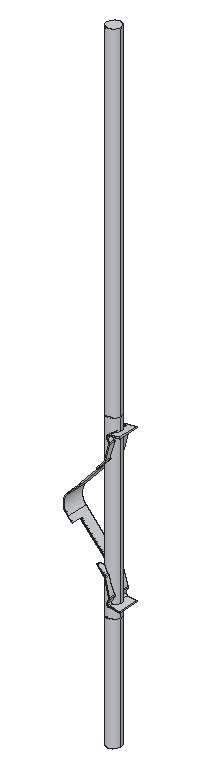
Revit family "Batwing Hanger", category Generic Models, Revit 2018
Family settings
  Can host rebar = No
  Round Connector Dimension = Use Diameter
  Part Type = Normal
  Work Plane-Based = No
  Always vertical = Yes
  Cut with Voids When Loaded = No
  Shared = No
  Room Calculation Point = No
Parameters (values of type "3/4"")
  Extra Rod Below Attachment [instance] = 0' - 4"
  Rod Length [instance] = 1' - 0"
  Conduit Offset = 0' - 0 3/4"
  3/4" Conduit = yes
  1" Conduit = no
  1 1/4" Conduit = no
Types (4): name | Extra Rod Below Attachment | Rod Length | Conduit Offset | 3/4" Conduit | 1" Conduit | 1 1/4" Conduit
  (no name) | 0' - 4" | 1' - 0" | 0' - 0 3/4" | yes | no | no
  3/4" | 0' - 4" | 1' - 0" | 0' - 0 3/4" | yes | no | no
  1" | 0' - 2" | 2' - 0" | 0' - 0 7/8" | no | yes | no
  1-1/4" | 0' - 4" | 1' - 0" | 0' - 0 15/16" | no | no | yes
Reference planes (in)
  plane 1 "Center (Front/Back)": y = 0
  plane 2: z = 0
  plane 3 "Center (Left/Right)": x = 0
  plane 4: z = 15.11106
  plane 5: z = 3.11106
  plane 6: z = -3.11295
  plane 7: z = -7.11295
  plane 8: z = -2.72639
  plane 9: z = 2.70329
  plane 10: x = -0.75
Forms (in)
  Extrusion 1, solid
    sketch origin (0, 0, 0) x (1, 0, 0) y (0, 1, 0)
      loop
        circle (0, 0) r 0.25
    from 3.11106 to 15.11106
  Extrusion 2, solid
    sketch origin (0, 0, 0) x (1, 0, 0) y (0, 1, 0)
      loop
        circle (0, 0) r 0.25
    from -7.11295 to -3.11295
  Extrusion 3, solid
    sketch origin (0, 0, 0) x (1, 0, 0) y (0, 1, 0)
      loop
        circle (0, 0) r 0.25
    from -3.11295 to 3.11106
Dimensions and locks (in)
  "Extra Rod Below Attachment": plane 6 to plane 7
  plane 5 to plane 2 to plane 6 = 0' - 3.11106" locked, 0' - 3.11295" locked
  "Rod Length": plane 4 to plane 5
  locked: plane 5 to plane 9 at 0.40777
  locked: plane 8 to plane 6 at 0.38656
  "Conduit Offset": plane 3 "Center (Left/Right)" to plane 10
  aligned and locked: plane 2 to level
  aligned and locked: plane 4 to Extrusion 1
  aligned and locked: Extrusion 2 to plane 7
  aligned and locked: plane 5 to nested 1
  aligned and locked: plane 6 to nested 1
  aligned and locked: plane 6 to Extrusion 2
  aligned and locked: Extrusion 1 to plane 5
  aligned and locked: Extrusion 3 to plane 6
  aligned and locked: plane 5 to Extrusion 3
  aligned and locked: plane 8 to nested 2
  aligned and locked: plane 9 to nested 2
  aligned and locked: plane 5 to nested 3
  aligned and locked: plane 3 "Center (Left/Right)" to nested 4
  aligned and locked: plane 1 "Center (Front/Back)" to nested 4
Automatic sketch dimensions
  plane 1 "Center (Front/Back)" to Extrusion 1 sketch curve = 0' - 0"
  Extrusion 1 sketch curve to plane 3 "Center (Left/Right)" = 0' - 0"
  plane 1 "Center (Front/Back)" to Extrusion 2 sketch curve = 0' - 0"
  Extrusion 2 sketch curve to plane 3 "Center (Left/Right)" = 0' - 0"
  plane 1 "Center (Front/Back)" to Extrusion 3 sketch curve = 0' - 0"
  Extrusion 3 sketch curve to plane 3 "Center (Left/Right)" = 0' - 0"
  radius of Extrusion 1 sketch curve = 0' - 0 1/4"
  radius of Extrusion 2 sketch curve = 0' - 0 1/4"
  radius of Extrusion 3 sketch curve = 0' - 0 1/4"
Nested families (in)
  nested 1: "Batwing Attachment" at (0, 0, 0), visible <- "1" Conduit", type "1""
  nested 2: "Batwing Attachment" at (0.01136, 0, -0.00095), visible <- "3/4" Conduit", type "3/4""
  nested 3: "Batwing Attachment" at (-0.25, 0, 0), visible <- "1 1/4" Conduit", type "1""
  nested 4: "Hanger_Anchor_Pt_Generic_Base_Family" at (0, 0, 3.10938), type "Hanger_Anchor_Pt_Generic_Base_Family"
    with Radius 0' - 0 11/32"
Definition of nested family "Batwing Attachment"
  Parameters (values of type "1"")
    3/4" Conduit = no
    1" Conduit = yes
  Types (3): name | 3/4" Conduit | 1" Conduit
    (no name) | no | yes
    3/4" | yes | no
    1" | no | yes
  Reference planes (in)
    plane 1 "Center (Front/Back)": y = 0
    plane 2: z = 0
    plane 3 "Center (Left/Right)": x = 0
    plane 4: z = 2.70423
    plane 5: z = -2.72545
    plane 6: z = -3.11295
    plane 7: z = 3.11106
  Dimensions and locks (in)
    aligned and locked: plane 2 to level
  Nested families (in)
    nested 1: "k16" at (0, 0, -1.31357), 1" Conduit <- "1" Conduit", 3/4" Conduit <- "3/4" Conduit", type "TraceParts"
      with 3/4" Conduit no, 1" Conduit yes
    nested 2: "k16" at (0, 0, -1.31357), 1" Conduit <- "1" Conduit", 3/4" Conduit <- "3/4" Conduit", type "TraceParts"
      with 3/4" Conduit no, 1" Conduit yes
  Definition of nested family "k16"
    Parameters (values of type "TraceParts")
      URL fabricant = "www.erico.com"
      TraceParts.PartVersion = "1.0.1"
      TraceParts.PartTitle = "Cable/Conduit Clip"
      TraceParts.PartStatusId = ""
      TraceParts.PartStatus = "Published"
      TraceParts.PartNumber = "90-18062020-027344"
      TraceParts.PartLanguage = "en"
      TraceParts.InstanceId = "90-18062020-027344DRCKBOYBWIJJGB1CWUX5Q3SLV"
      TraceParts.ClassPath = "NVENT_CADDY:90-18062020-027344"
      TRACEPARTS = "TRACEPARTS"
      Part_Number_EShop_URL = "https://www.erico.com/part.asp?part=K16"
      Model = "K16"
      Material = "Spring Steel"
      Manufacturer = "nVent CADDY"
      Finish = "nVent CADDY Armour"
      Description = "Cable/Conduit Clip, 3/4\", 1\" EMT, 1/2\", 3/4\" Rigid, 1.181\" Max OD"
      Certifications = ""
      ArticleNumber = "170680"
      3/4" Conduit [instance] = yes
      1" Conduit [instance] = no
    Reference planes (in)
      plane 1 "Centre (avant/arrière)": y = 0
      plane 2: z = 0
      plane 3 "Centre (gauche/droite)": x = 0
    Forms (in)
      Extrusion 1, solid, visible <- "3/4" Conduit"
        sketch origin (0, 0, 0) x (1, 0, 0) y (0, 0, 1)
          loop
            line (0.13217, 3.93454) -> (0.48944, 3.97809) -> (0.48496, 4.01482) -> (0.1277, 3.97127)
            arc (0.1277, 3.97127) -> (0.06254, 3.92782) -> (0.05872, 3.84959) r 0.087
            line (0.05872, 3.84959) -> (0.11732, 3.71766)
            arc (0.11732, 3.71766) -> (0.12226, 3.69853) -> (0.12071, 3.67884) r 0.06
            line (0.12071, 3.67884) -> (-0.01272, 3.14169)
            arc (-0.01272, 3.14169) -> (-0.02567, 3.10784) -> (-0.04644, 3.07813) r 0.1487
            line (-0.04644, 3.07813) -> (-1.30981, 1.67255)
            arc (-1.30981, 1.67255) -> (-1.44743, 1.31357) -> (-1.30981, 0.9546) r 0.537
            line (-1.30981, 0.9546) -> (-0.0522, -0.44458)
            arc (-0.0522, -0.44458) -> (-0.03147, -0.47424) -> (-0.01853, -0.50802) r 0.14844
            line (-0.01853, -0.50802) -> (0.12006, -1.06598)
            arc (0.12006, -1.06598) -> (0.1216, -1.08567) -> (0.11667, -1.1048) r 0.06
            line (0.11667, -1.1048) -> (0.05697, -1.2392)
            arc (0.05697, -1.2392) -> (0.06079, -1.31742) -> (0.12595, -1.36087) r 0.087
            line (0.12595, -1.36087) -> (0.48322, -1.40442) -> (0.48769, -1.3677) -> (0.13043, -1.32415)
            arc (0.13043, -1.32415) -> (0.09298, -1.29917) -> (0.09078, -1.25422) r 0.05
            line (0.09078, -1.25422) -> (0.15048, -1.11982)
            arc (0.15048, -1.11982) -> (0.15846, -1.08889) -> (0.15597, -1.05706) r 0.097
            line (0.15597, -1.05706) -> (0.01515, -0.49015)
            arc (0.01515, -0.49015) -> (0.00222, -0.45636) -> (-0.01851, -0.42671) r 0.14844
            line (-0.01851, -0.42671) -> (-1.2823, 0.97933)
            arc (-1.2823, 0.97933) -> (-1.41043, 1.31357) -> (-1.2823, 1.64781) r 0.5
            line (-1.2823, 1.64781) -> (-0.01271, 3.06031)
            arc (-0.01271, 3.06031) -> (0.00802, 3.08996) -> (0.02095, 3.12375) r 0.14844
            line (0.02095, 3.12375) -> (0.15662, 3.66992)
            arc (0.15662, 3.66992) -> (0.15911, 3.70176) -> (0.15113, 3.73268) r 0.097
            line (0.15113, 3.73268) -> (0.09253, 3.86461)
            arc (0.09253, 3.86461) -> (0.09473, 3.90957) -> (0.13217, 3.93454) r 0.05
        from -0.375 to 0.375
      Extrusion 2, void
        sketch origin (0, 0, 0) x (0, 1, 0) y (0, 0, 1)
          loop
            line (-0.282, 2.79837) -> (-0.49993, 2.79837) -> (-0.49993, -0.17122) -> (-0.282, -0.17122) -> (-0.125, -0.27792) -> (-0.125, -0.35319)
            spline (-0.125, -0.35319) -> (-0.12287, -0.36889) -> (-0.11663, -0.38352) -> (-0.10669, -0.39609) -> (-0.09375, -0.40573) -> (-0.07868, -0.41178) -> (-0.0625, -0.41385) -> (-0.04632, -0.41178) -> (-0.03125, -0.40573) -> (-0.01831, -0.39609) -> (-0.00837, -0.38352) -> (-0.00213, -0.36889) -> (0, -0.35319)
            line (0, -0.35319) -> (0, 0.76181)
            spline (0, 0.76181) -> (-0.00051, 0.76763) -> (-0.00204, 0.77336) -> (-0.00457, 0.77889) -> (-0.00804, 0.78412) -> (-0.0124, 0.78897) -> (-0.01757, 0.79336) -> (-0.02347, 0.79721) -> (-0.03, 0.80045) -> (-0.03704, 0.80304) -> (-0.04447, 0.80491) -> (-0.05217, 0.80605) -> (-0.06, 0.80643)
            line (-0.06, 0.80643) -> (-0.375, 0.80643) -> (-0.375, 1.82071) -> (-0.06, 1.82071)
            spline (-0.06, 1.82071) -> (-0.05217, 1.8211) -> (-0.04447, 1.82223) -> (-0.03704, 1.82411) -> (-0.03, 1.82669) -> (-0.02347, 1.82994) -> (-0.01757, 1.83378) -> (-0.0124, 1.83817) -> (-0.00804, 1.84303) -> (-0.00457, 1.84826) -> (-0.00204, 1.85379) -> (-0.00051, 1.85951) -> (0, 1.86534)
            line (0, 1.86534) -> (0, 2.98034)
            spline (0, 2.98034) -> (-0.00213, 2.99604) -> (-0.00837, 3.01067) -> (-0.01831, 3.02323) -> (-0.03125, 3.03287) -> (-0.04632, 3.03893) -> (-0.0625, 3.041) -> (-0.07868, 3.03893) -> (-0.09375, 3.03287) -> (-0.10669, 3.02323) -> (-0.11663, 3.01067) -> (-0.12287, 2.99604) -> (-0.125, 2.98034)
            line (-0.125, 2.98034) -> (-0.125, 2.90506) -> (-0.282, 2.79837)
        from 0 to -3.67536
      Extrusion 3, solid, visible <- "1" Conduit"
        sketch origin (0, 0, 0) x (1, 0, 0) y (0, 0, 1)
          loop
            line (0.13217, 4.34268) -> (0.48944, 4.38623) -> (0.48496, 4.42296) -> (0.1277, 4.37941)
            arc (0.1277, 4.37941) -> (0.06254, 4.33596) -> (0.05872, 4.25773) r 0.087
            line (0.05872, 4.25773) -> (0.11732, 4.1258)
            arc (0.11732, 4.1258) -> (0.12226, 4.10667) -> (0.12071, 4.08698) r 0.06
            line (0.12071, 4.08698) -> (-0.00027, 3.59992)
            arc (-0.00027, 3.59992) -> (-0.01831, 3.5528) -> (-0.04722, 3.51144) r 0.20703
            line (-0.04722, 3.51144) -> (-1.42187, 1.98205)
            arc (-1.42187, 1.98205) -> (-1.67814, 1.31357) -> (-1.42187, 0.64509) r 1
            line (-1.42187, 0.64509) -> (-0.0475, -0.88399)
            arc (-0.0475, -0.88399) -> (-0.01836, -0.92567) -> (-0.00017, -0.97317) r 0.20868
            line (-0.00017, -0.97317) -> (0.12071, -1.45983)
            arc (0.12071, -1.45983) -> (0.12226, -1.47953) -> (0.11732, -1.49865) r 0.06
            line (0.11732, -1.49865) -> (0.05872, -1.63059)
            arc (0.05872, -1.63059) -> (0.06254, -1.70881) -> (0.1277, -1.75226) r 0.087
            line (0.1277, -1.75226) -> (0.48496, -1.79581) -> (0.48944, -1.75909) -> (0.13217, -1.71554)
            arc (0.13217, -1.71554) -> (0.09473, -1.69056) -> (0.09253, -1.64561) r 0.05
            line (0.09253, -1.64561) -> (0.15113, -1.51367)
            arc (0.15113, -1.51367) -> (0.15911, -1.48275) -> (0.15662, -1.45091) r 0.097
            line (0.15662, -1.45091) -> (0.03341, -0.9549)
            arc (0.03341, -0.9549) -> (0.01537, -0.90778) -> (-0.01354, -0.86642) r 0.20703
            line (-0.01354, -0.86642) -> (-1.41437, 0.69209)
            arc (-1.41437, 0.69209) -> (-1.65262, 1.31357) -> (-1.41437, 1.93505) r 0.92969
            line (-1.41437, 1.93505) -> (-0.01354, 3.49356)
            arc (-0.01354, 3.49356) -> (0.01537, 3.53492) -> (0.03341, 3.58205) r 0.20703
            line (0.03341, 3.58205) -> (0.15662, 4.07806)
            arc (0.15662, 4.07806) -> (0.15911, 4.1099) -> (0.15113, 4.14082) r 0.097
            line (0.15113, 4.14082) -> (0.09253, 4.27275)
            arc (0.09253, 4.27275) -> (0.09473, 4.31771) -> (0.13217, 4.34268) r 0.05
        from -0.375 to 0.375
    Cuts and joins
      Extrusion 2 cuts Extrusion 1
      Extrusion 2 cuts Extrusion 3
    Dimensions and locks (in)
      aligned and locked: level to plane 2
Definition of nested family "Hanger_Anchor_Pt_Generic_Base_Family"
  Parameters (values of type "Hanger_Anchor_Pt_Generic_Base_Family")
    Radius [instance] = 0' - 0 11/32"  # constant formula
  Reference planes (in)
    plane 1 "Center (Front/Back)": y = 0
    plane 2: z = 0
    plane 3 "Center (Left/Right)": x = 0
  Forms (in)
    Revolve 1, solid, not visible
      sketch origin (0, 0, 0) x (1, 0, 0) y (0, 0, 1)
        loop
          arc (0, 0.34375) -> (-0.34375, 0) -> (0, -0.34375) r 0.34375
          line (0, -0.34375) -> (0, 0.34375)
        axis (0, -0.34375) -> (0, 0.34375)
      angle from 0 to 360
  Lines and regions (in)
    symbolic lines
      curve 1: line (-3.00347, 0, 0) -> (2.99653, 0, 0)
      curve 2: line (0, 3, 0) -> (0, -3, 0)
      curve 3: circle (-0.00347, 0, 0) r 3 normal (0, 0, 1)
  Dimensions and locks (in)
    "Radius": radius of Revolve 1 sketch curve
    aligned and locked: plane 2 to level
  Automatic sketch dimensions
    plane 1 "Center (Front/Back)" to curve 1 = 0' - 0"
    plane 1 "Center (Front/Back)" to curve 3 = 0' - 0"
    curve 2 to plane 3 "Center (Left/Right)" = 0' - 0"
    curve 3 to plane 3 "Center (Left/Right)" = 0' - 0.00347"
    plane 1 "Center (Front/Back)" to curve 2 = 0' - 3"
    Revolve 1 sketch curve to plane 3 "Center (Left/Right)" = 0' - 0"
    plane 3 "Center (Left/Right)" to Revolve 1 sketch curve = 0' - 0"
    Revolve 1 sketch curve to level = 0' - 0"
    Revolve 1 sketch curve to Revolve 1 sketch curve = 1' - 11.6574"
    Revolve 1 sketch curve to Revolve 1 sketch curve = 8' - 6.37622"
